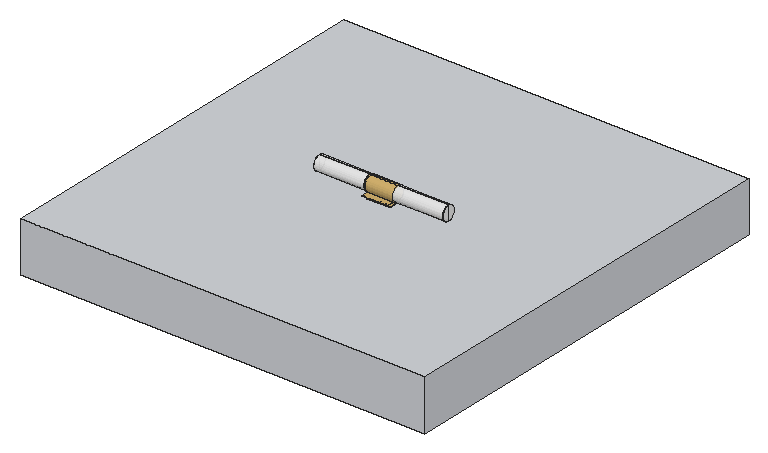
Revit family "3-588-xxx - Magnum Wall Sconce", category Luminarias, Revit 2021
Family settings
  Anfitrión = Cara
  Cota de conector redondo = Diámetro de uso
  Tipo de pieza = Normal
  Corte con vacíos al cargar = No
  Origen de luz = Sí
  Compartido = No
  Punto de cálculo de habitación = No
Parameters (values of type "3-588-140 / Aged Brass - White Opal Glass")
  Comentarios de vataje = "12.1 W at 120 V"
  Wattage = 30.5 W
  built-in parameter 1150110 = 1 (stored number, unit not read)
  Voltage Input [instance] = "120 V or 277 V 50/60Hz"  # constant formula
  Voltage = 277 V
  URL = "www.oxygenlighting.com"
  built-in parameter 1114217 = 1 (stored number, unit not read)
  Tilt Angle = 0.00°  # constant formula
  built-in parameter 1150109 = 1 (stored number, unit not read)
  built-in parameter 1150134 = (empty or 0)
  built-in parameter 1150113 = 1 (stored number, unit not read)
  Archivo de red fotométrica = "3-588-24 Magnum Vanity.ies"
  References [instance] = "Ref. 3 = 120V / Ref. 37 = 277 V"  # constant formula
  Modelo = "3-588-xxx - Magnum Wall Sconce"  # constant formula
  Metal Finish = 40 - Aged Brass
  Fabricante = "Oxygen Lighting & Fans"  # constant formula
  built-in parameter 1150105 = 179.61 (stored number, unit not read)
  Lumens = 2257 lm
  built-in parameter 1150115 = 1 (stored number, unit not read)
  built-in parameter 1150137 = (empty or 0)
  built-in parameter 1150139 = (empty or 0)
  built-in parameter 1150112 = 1 (stored number, unit not read)
  built-in parameter 1150114 = 1 (stored number, unit not read)
  Lámpara = "LED Array"  # constant formula
  built-in parameter 1150132 = (empty or 0)
  built-in parameter 1150102 = (empty or 0)
  built-in parameter 1150107 = 3000 (stored number, unit not read)
  built-in parameter 1150138 = (empty or 0)
  built-in parameter 1150106 = 1.7961 (stored number, unit not read)
  Longitud de línea de emisión = 9.00"  # constant formula
  built-in parameter 1150104 = 6.8748 (stored number, unit not read)
  Dimming Lamp Color Temperature Shift = (empty or 0)
  Diffuser = Matte Opal Glass
  Default Elevation = 0.00"
  Color Filter = 16777215
  built-in parameter 1114218 = 1 (stored number, unit not read)
  built-in parameter 1150133 = 10 (stored number, unit not read)
Types (5): name | Metal Finish | Diffuser
  (no name) | 40 - Aged Brass | Matte Opal Glass
  3-588-24 / Satin Nickel - Matte White Acrylic | 24 - Satin Nickel | Matte White Acrylic
  3-588-40 / Aged Brass - Matte White Acrylic | 40 - Aged Brass | Matte White Acrylic
  3-588-124 / Satin Nickel - White Opal Glass | 24 - Satin Nickel | Matte Opal Glass
  3-588-140 / Aged Brass - White Opal Glass | 40 - Aged Brass | Matte Opal Glass
Reference planes (in)
  plane 1 "Center (Front/Back)": y = 0
  plane 2: z = 0
  plane 3 "Center (Left/Right)": x = 0
Forms (in)
  Extrusion 1, solid
    sketch origin (0, 0, 0) x (1, 0, 0) y (0, 1, 0)
      loop
        line (-48, 48) -> (-48, -48) -> (48, -48) -> (48, 48) -> (-48, 48)
    from 0 to -12
Dimensions and locks (in)
  aligned and locked: plane 2 to Extrusion 1
  aligned and locked: level to Extrusion 1
Nested families (in)
  nested 1: "3-518 Magnum" at (0, 0, 0), type "3-518 Magnum"
Connectors (in)
  electrical at (0.005, 0, 0), driven by "Voltage"
    settings: on nested 1, index 1, voltage 277 V, apparent load 0 VA, apparent load phase1 0 VA, apparent load phase2 0 VA, apparent load phase3 0 VA, power factor 1, load classification "Other", number of poles 1, system type 31, power factor state 1, is connector primary yes, connector utility no, sub classification motor no, connector description ""
Definition of nested family "3-518 Magnum"
  Parameters (values of type "3-518 Magnum")
    Others 2 = none
    Others 1 = none
    Metal Finish = none
    Main Diffuser = none
    Default Elevation = 0.00"
    2nd Diffuser = none
  Reference planes (in)
    plane 1 "Center (Front/Back)": y = 0
    plane 2: z = 0
    plane 3 "Center (Left/Right)": x = 0
    plane 4 "Top": y = 15.38
  Forms (in)
    Extrusion 1, solid, material <- "Metal Finish"
      sketch origin (-4.8847, 1.43133, -3) x (0, -1, 0) y (0, 0, 1)
        loop
          line (3.43133, 3.38) -> (-0.56867, 3.38) -> (-0.56867, 3) -> (3.43133, 3) -> (3.43133, 3.38)
      from -7.49436 to -2.28503
    Extrusion 2, solid, material <- "Metal Finish"
      sketch origin (-84.52919, 1.43133, 2.22423) x (1, 0, 0) y (0, 1, 0)
        loop
          line (81.15919, 0.94367) -> (81.15919, -3.80633) -> (87.90919, -3.80633) -> (87.90919, 0.94367) -> (81.15919, 0.94367)
      from -1.72938 to -1.84423
    Revolve 3, solid, material <- "Metal Finish"
      sketch origin (-80.41892, 0, -3.02577) x (0, 0, -1) y (1, 0, 0)
        loop
          line (-5.26, 77.12823) -> (-6.93, 77.12823) -> (-6.93, 83.79892) -> (-7.01, 83.79892) -> (-7.01, 77.15024)
          arc (-7.01, 77.15024) -> (-6.98032, 77.07859) -> (-6.90868, 77.04892) r 0.10132
          line (-6.90868, 77.04892) -> (-5.26, 77.04892) -> (-5.26, 77.12823)
        axis (-5.26, 77.04892) -> (-5.26, 83.79892)
      angle from 0 to 360
    Revolve 4, solid, material <- "Main Diffuser"
      sketch origin (-80.54806, 0, 2.02682) x (0, 0, -1) y (1, 0, 0)
        loop
          line (-1.83242, 83.92806) -> (-1.83242, 95.80306) -> (-0.20742, 95.80306) -> (-0.20742, 95.92806) -> (-1.85886, 95.92806)
          arc (-1.85886, 95.92806) -> (-1.92855, 95.89919) -> (-1.95742, 95.82951) r 0.09855
          line (-1.95742, 95.82951) -> (-1.95742, 83.92806) -> (-1.83242, 83.92806)
        axis (-0.20742, 95.92806) -> (-0.20742, 83.92806)
      angle from 0 to 360
    Revolve 5, solid, material <- "Main Diffuser"
      sketch origin (80.54806, 0, 2.02682) x (0, 0, -1) y (1, 0, 0)
        loop
          line (-1.83242, -83.92806) -> (-1.95742, -83.92806) -> (-1.95742, -95.82951)
          arc (-1.95742, -95.82951) -> (-1.92855, -95.89919) -> (-1.85886, -95.92806) r 0.09855
          line (-1.85886, -95.92806) -> (-0.20742, -95.92806) -> (-0.20742, -95.80306) -> (-1.83242, -95.80306) -> (-1.83242, -83.92806)
        axis (-0.20742, -95.92806) -> (-0.20742, -83.92806)
      angle from 0 to 360
  Lines and regions (in)
    model lines
      curve 1: line (0, 4, 0) -> (0, -4, 0)
      curve 2: line (-4, 0, 0) -> (4, 0, 0)
    symbolic lines
      curve 3: circle (0, 0, 0) r 2 normal (0, 0, 1)
    model lines, not visible
      curve 4: line (-13.0722, 21.77075, 0) -> (-5.0722, 21.77075, 0)
      curve 5: line (-9.0722, 17.77075, 0) -> (-9.0722, 25.77075, 0)
    symbolic lines, not visible
      curve 6: circle (-9.0722, 21.77075, 0) r 2 normal (0, 0, 1)
  Text (in)
    text "M.C." at (1.62995, -0.88973, 0), in view "Ref. Level"
    text "M.C." at (-8.18247, 23.4007, 0), in view "Ref. Level", not visible
  Dimensions and locks (in)
    aligned and locked: plane 2 to level
    aligned and locked: Revolve 3 sketch curve to Revolve 4
    aligned and locked: Revolve 3 to Extrusion 2
